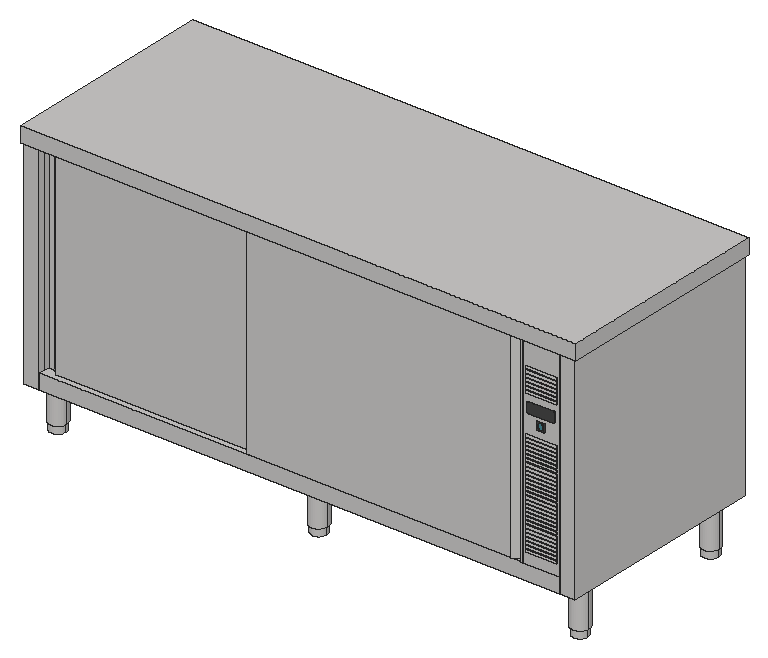
Revit family "QF_ZANUSSI_132799_MTCD1800PN", category Attrezzature speciali, Revit 2020
Family settings
  Quota connettore circolare = Usa diametro
  Tipo di parte = Normale
  Basato su piano di lavoro = No
  Sempre verticale = Sì
  Taglio con vuoti quando caricato = No
  Condiviso = No
  Punto di calcolo locali = No
Parameters (values of type "Standard")
  Weight = 70.00 kg
  Watts = 2400 W
  Volts = 220 V
  URL Manufacturer = "http://www.zanussiprofessional.com"
  URL = "http://www.zanussiprofessional.com"
  Steam Supply Size = 0 mm
  Steam Supply Minimum Pressure = 0.0 Pa
  Steam Supply Maximum Pressure = 0.0 Pa
  Steam Consumption per Hour = 0
  Refrigeration Suction Line Size = 0.0 mm
  Refrigeration Liquid Line Size = 0.0 mm
  Refrigerant Compressor Remote = yes
  Prospetto di default = 0.0 mm
  Produttore = "Zanussi"
  Phase = 1
  Modello = "MTCD1800PN"
  Length Actual = 1800.0 mm  # constant formula
  Item Number = "132799"
  Hot Water Size = 0 mm
  Height Actual = 900.0 mm  # constant formula
  HP = "3.2 HP"
  Gas Size = 0 mm
  Gas KW = 0
  Gas Input Pressure = 0 W
  Direct Waste Size = 0 mm
  Descrizione = "HOT PASST.CUPB.VENT+SHELF+SLIDING D.1800"
  Depth Actual = 700.0 mm  # constant formula
  Cycle = 50 Hz
  Condensate Return Size = 0 mm
  Compressed Air Volume = 0.0 L/s
  Compressed Air Size = 0 mm
  Compressed Air Pressure = 0.0 Pa
  Cold Water Size = 0 mm
  Accessory = yes
Reference planes
  plane 1 "Center (Front/Back)": y = 0
  plane 2: z = 0
  plane 3 "Center (Left/Right)": x = -400
  plane 4 "LEFT": x = -1300
  plane 5 "RIGHT": x = 500
  plane 6 "BACK": y = 350
  plane 7 "FRONT": y = -350
  plane 8 "Base": z = 850
  plane 9 "TOP": z = 900
  plane 10: x = -1246.5
  plane 11: x = 446.5
  plane 12: y = 264.5
  plane 13: y = -264.5
  plane 14 "BodyLeft": x = -1294.5
  plane 15 "BodyFront": y = -344.5
  plane 16 "BodyRight": x = 494.5
  plane 17 "BodyBack": y = 344.5
  plane 18 "FEET": z = 150
  plane 19: x = 324.5
  plane 20: x = -461
  plane 21: x = 444.5
  plane 22: x = 400
  plane 23: y = -170
Forms (mm)
  Extrusion 1, solid, material "QF_Finishes_Stainless Steel"
    sketch origin (-400, 0, 0) x (0, 1, 0) y (0, 0, 1)
      loop
        line (-350, 850) -> (350, 850) -> (350, 900) -> (-350, 900) -> (-350, 850)
    from 900 to -900
  Extrusion 2, solid, material "QF_Finishes_Stainless Steel"
    sketch origin (0, 0, 150) x (-1, 0, 0) y (0, -1, 0)
      loop
        line (1294.5, -344.5) -> (1294.5, 344.5) -> (1244.5, 344.5) -> (1244.5, -344.5) -> (1294.5, -344.5)
      loop
        line (-444.5, -344.5) -> (-444.5, 344.5) -> (-494.5, 344.5) -> (-494.5, -344.5) -> (-444.5, -344.5)
    from 0 to 700
  Extrusion 3, solid, material "QF_Finishes_Stainless Steel"
    sketch origin (0, 0, 150) x (-1, 0, 0) y (0, -1, 0)
      loop
        line (1244.5, -344.5) -> (1244.5, 344.5) -> (-444.5, 344.5) -> (-444.5, -344.5) -> (1244.5, -344.5)
    from 0 to 50
  Extrusion 4, solid, material "QF_Finishes_Stainless Steel"
    sketch origin (-1, 0, 150) x (-1, 0, 0) y (0, -1, 0)
      loop
        line (-325.5, 344.5) -> (-325.5, 324.5) -> (570.5, 324.5) -> (570.5, 344.5) -> (-285.5, 344.5) -> (-305.5, 329.5) -> (-320.5, 329.5) -> (-320.5, 344.5) -> (-325.5, 344.5)
    from 50 to 700
  Extrusion 5, solid, material "QF_Finishes_Stainless Steel"
    sketch origin (1, 20, 150) x (1, 0, 0) y (0, 1, 0)
      loop
        line (-1245.5, -344.5) -> (-1240.5, -344.5) -> (-1240.5, -329.5) -> (-1225.5, -329.5) -> (-1205.5, -344.5) -> (-351.5, -344.5) -> (-351.5, -324.5) -> (-1245.5, -324.5) -> (-1245.5, -344.5)
    from 50 to 700
  Extrusion 6, solid, material "QF_Finishes_Stainless Steel"
    sketch origin (0, 0, 0) x (1, 0, 0) y (0, 1, 0)
      loop
        line (-1244.5, -304.5) -> (324.5, -304.5) -> (324.5, 304.5) -> (-1244.5, 304.5) -> (-1244.5, -304.5)
    from 500 to 540
  Extrusion 7, solid, material "QF_Finishes_Stainless Steel"
    sketch origin (-1, 0, 150) x (-1, 0, 0) y (0, -1, 0)
      loop
        line (-325.5, -344.5) -> (-320.5, -344.5) -> (-320.5, -329.5) -> (-305.5, -329.5) -> (-285.5, -344.5) -> (570.5, -344.5) -> (570.5, -324.5) -> (-325.5, -324.5) -> (-325.5, -344.5)
    from 50 to 700
  Extrusion 8, solid, material "QF_Finishes_Stainless Steel"
    sketch origin (1, -20, 150) x (1, 0, 0) y (0, 1, 0)
      loop
        line (-1245.5, 344.5) -> (-1245.5, 324.5) -> (-351.5, 324.5) -> (-351.5, 344.5) -> (-1205.5, 344.5) -> (-1225.5, 329.5) -> (-1240.5, 329.5) -> (-1240.5, 344.5) -> (-1245.5, 344.5)
    from 50 to 700
  Extrusion 9, solid, material "QF_Finishes_Stainless Steel"
    sketch origin (0, 0, 0) x (1, 0, 0) y (0, 1, 0)
      loop
        line (444.5, 344.5) -> (324.5, 344.5) -> (324.5, 324.5) -> (444.5, 324.5) -> (444.5, 344.5)
    from 200 to 850
  Extrusion 10, solid, material "QF_Finishes_Stainless Steel"
    sketch origin (0, 0, 150) x (-1, 0, 0) y (0, -1, 0)
      loop
        circle (-400, 170) r 10
    from 0 to -5
Cuts and joins
  joined: Extrusion 3, Extrusion 9
Lines and regions (mm)
  symbolic lines
    curve 1: line (500, 350, 900) -> (-1300, 350, 900)
    curve 2: line (-1300, 350, 900) -> (-1300, -350, 900)
    curve 3: line (-1300, -350, 900) -> (500, -350, 900)
    curve 4: line (500, -350, 900) -> (500, 350, 900)
    curve 5: line (-1300, 337, 900) -> (500, 337, 900)
  symbolic lines, style "SpecialityEquipmentHiddenLines"
    curve 6: line (-1294.5, 344.5, 150) -> (494.5, 344.5, 150)
    curve 7: line (-1294.5, -344.5, 150) -> (-1294.5, 344.5, 150)
    curve 8: line (494.5, -344.5, 150) -> (-1294.5, -344.5, 150)
    curve 9: line (494.5, 344.5, 150) -> (494.5, -344.5, 150)
    curve 10: line (-1245.5, -304.5, 150) -> (-349.5, -304.5, 150)
    curve 11: line (-349.5, -304.5, 150) -> (-349.5, -324.5, 150)
    curve 12: line (-1245.5, -324.5, 150) -> (444.5, -324.5, 150)
    curve 13: line (444.5, -324.5, 150) -> (444.5, -344.5, 150)
    curve 14: line (-1245.5, -304.5, 150) -> (-1245.5, -324.5, 150)
    curve 15: line (-571.5, -344.5, 0) -> (-571.5, -324.5, 0)
    curve 16: line (-1245.5, 304.5, 150) -> (-349.5, 304.5, 150)
    curve 17: line (-1245.5, 324.5, 150) -> (444.5, 324.5, 150)
    curve 18: line (-571.5, 344.5, 0) -> (-571.5, 324.5, 0)
    curve 19: line (-350.5, 304.5, 0) -> (-350.5, 324.5, 0)
Dimensions and locks
  plane 4 "LEFT" to plane 5 "RIGHT" = 1800.0 mm
  equal spacing: plane 4 "LEFT", plane 3 "Center (Left/Right)", plane 5 "RIGHT"
  locked: plane 8 "Base" to level at 850
  locked: plane 9 "TOP" to level at 900
  plane 6 "BACK" to plane 7 "FRONT" = 700.0 mm
  equal spacing: plane 6 "BACK", plane 1 "Center (Front/Back)", plane 7 "FRONT"
  locked: plane 4 "LEFT" to plane 14 "BodyLeft" at 5.5
  locked: plane 16 "BodyRight" to plane 5 "RIGHT" at 5.5
  locked: plane 15 "BodyFront" to plane 7 "FRONT" at 5.5
  locked: plane 6 "BACK" to plane 17 "BodyBack" at 5.5
  locked: plane 14 "BodyLeft" to plane 10 at 48
  locked: plane 11 to plane 16 "BodyRight" at 48
  locked: plane 13 to plane 15 "BodyFront" at 80
  locked: plane 17 "BodyBack" to plane 12 at 80
  plane 10 to plane 11 = 1693.0 mm
  plane 12 to plane 13 = 529.0 mm
  locked: plane 14 "BodyLeft" to Extrusion 2 sketch curve at 50
  locked: Extrusion 2 sketch curve to Extrusion 2 sketch curve at 50
  equal spacing: plane 10, plane 20, plane 19
  locked: plane 21 to plane 16 "BodyRight" at 50
  locked: plane 19 to plane 21 at 120
  locked: Extrusion 4 sketch curve to plane 20 at 110.5
  locked: plane 20 to Extrusion 5 sketch curve at 110.5
  locked: plane 18 "FEET" to level at 150
  locked: plane 22 to plane 5 "RIGHT" at 100
  locked: plane 23 to plane 7 "FRONT" at 180
  aligned and locked: level to plane 2
  aligned and locked: plane 10 to nested 1
  aligned and locked: nested 1 to plane 13
  aligned and locked: plane 11 to nested 2
  aligned and locked: nested 2 to plane 13
  aligned and locked: plane 11 to nested 4
  aligned and locked: nested 4 to plane 12
  aligned and locked: plane 10 to nested 3
  aligned and locked: nested 3 to plane 12
  aligned and locked: Extrusion 1 to plane 4 "LEFT"
  aligned and locked: plane 5 "RIGHT" to Extrusion 1
  aligned and locked: curve 2 to plane 4 "LEFT"
  aligned and locked: plane 17 "BodyBack" to Extrusion 2 sketch curve
  aligned and locked: Extrusion 2 sketch curve to plane 15 "BodyFront"
  aligned and locked: Extrusion 2 sketch curve to plane 14 "BodyLeft"
  aligned and locked: plane 16 "BodyRight" to Extrusion 2 sketch curve
  aligned and locked: Extrusion 2 sketch curve to plane 17 "BodyBack"
  aligned and locked: plane 15 "BodyFront" to Extrusion 2 sketch curve
  aligned and locked: Extrusion 3 sketch curve to plane 17 "BodyBack"
  aligned and locked: plane 15 "BodyFront" to Extrusion 3 sketch curve
  aligned and locked: plane 8 "Base" to Extrusion 2
  aligned and locked: plane 8 "Base" to Extrusion 4
  aligned and locked: Extrusion 4 to Extrusion 3
  aligned and locked: Extrusion 1 to plane 8 "Base"
  aligned and locked: plane 9 "TOP" to Extrusion 1
  aligned and locked: curve 6 to plane 17 "BodyBack"
  aligned and locked: plane 14 "BodyLeft" to curve 7
  aligned and locked: plane 15 "BodyFront" to curve 8
  aligned and locked: plane 16 "BodyRight" to curve 9
  aligned and locked: Extrusion 3 to Extrusion 2  (x2)
  aligned and locked: Extrusion 6 sketch curve to Extrusion 2
  aligned and locked: Extrusion 6 sketch curve to Extrusion 5
  aligned and locked: curve 19 to Extrusion 8
  aligned and locked: curve 18 to Extrusion 7
  aligned and locked: nested 5 to plane 21
  aligned and locked: Extrusion 6 sketch curve to plane 19
  aligned and locked: plane 3 "Center (Left/Right)" to nested 6
  aligned and locked: plane 3 "Center (Left/Right)" to nested 7
Automatic sketch dimensions
  Extrusion 7 sketch curve to plane 19 = 0.0 mm
  Extrusion 7 sketch curve to plane 17 "BodyBack" = 0.0 mm  (x2)
  Extrusion 7 sketch curve to Extrusion 7 sketch curve = 5.0 mm
  Extrusion 7 sketch curve to Extrusion 7 sketch curve = 15.0 mm
  Extrusion 7 sketch curve to Extrusion 7 sketch curve = 20.0 mm
  plane 17 "BodyBack" to Extrusion 7 sketch curve = 20.0 mm
  plane 20 to Extrusion 7 sketch curve = 110.5 mm
  plane 17 "BodyBack" to Extrusion 7 sketch curve = 15.0 mm
  curve 15 to plane 15 "BodyFront" = 0.0 mm
  plane 15 "BodyFront" to curve 15 = 20.0 mm
  curve 15 to plane 20 = 110.5 mm
  curve 3 to plane 7 "FRONT" = 0.0 mm
  curve 5 to plane 5 "RIGHT" = 0.0 mm
  curve 4 to plane 6 "BACK" = 0.0 mm
  curve 5 to plane 17 "BodyBack" = 7.5 mm
  Extrusion 1 sketch curve to plane 7 "FRONT" = 0.0 mm
  Extrusion 1 sketch curve to plane 6 "BACK" = 0.0 mm
  Extrusion 1 sketch curve to plane 8 "Base" = 0.0 mm
  Extrusion 1 sketch curve to plane 9 "TOP" = 0.0 mm
  Extrusion 3 sketch curve to plane 21 = 0.0 mm
  plane 10 to Extrusion 3 sketch curve = 2.0 mm
  Extrusion 4 sketch curve to plane 19 = 0.0 mm
  Extrusion 4 sketch curve to plane 15 "BodyFront" = 0.0 mm  (x2)
  Extrusion 4 sketch curve to Extrusion 4 sketch curve = 5.0 mm
  Extrusion 4 sketch curve to Extrusion 4 sketch curve = 15.0 mm  (x2)
  Extrusion 4 sketch curve to Extrusion 4 sketch curve = 20.0 mm  (x2)
  Extrusion 5 sketch curve to plane 15 "BodyFront" = 20.0 mm  (x2)
  Extrusion 5 sketch curve to plane 10 = 42.0 mm
  Extrusion 5 sketch curve to plane 10 = 22.0 mm
  Extrusion 5 sketch curve to plane 10 = 7.0 mm
  Extrusion 5 sketch curve to plane 10 = 2.0 mm
  Extrusion 5 sketch curve to Extrusion 5 sketch curve = 15.0 mm
  Extrusion 5 sketch curve to Extrusion 5 sketch curve = 20.0 mm
  curve 13 to plane 21 = 0.0 mm
  curve 17 to plane 21 = 0.0 mm
  curve 8 to plane 15 "BodyFront" = 0.0 mm
  plane 3 "Center (Left/Right)" to curve 10 = 50.5 mm
  plane 10 to curve 12 = 1.0 mm
  plane 15 "BodyFront" to curve 10 = 40.0 mm
  curve 12 to curve 13 = 20.0 mm
  plane 3 "Center (Left/Right)" to curve 16 = 50.5 mm
  plane 10 to curve 17 = 1.0 mm
  plane 10 to curve 16 = 1.0 mm
  curve 17 to plane 17 "BodyBack" = 20.0 mm
  plane 12 to curve 16 = 40.0 mm
  plane 12 to Extrusion 6 sketch curve = 40.0 mm
  plane 10 to Extrusion 8 sketch curve = 2.0 mm
  Extrusion 8 sketch curve to Extrusion 8 sketch curve = 5.0 mm
  Extrusion 8 sketch curve to Extrusion 8 sketch curve = 15.0 mm  (x2)
  Extrusion 8 sketch curve to plane 17 "BodyBack" = 20.0 mm  (x2)
  Extrusion 8 sketch curve to Extrusion 8 sketch curve = 20.0 mm  (x2)
  plane 3 "Center (Left/Right)" to Extrusion 8 sketch curve = 49.5 mm
  curve 18 to plane 17 "BodyBack" = 0.0 mm
  curve 18 to plane 17 "BodyBack" = 20.0 mm
  plane 12 to curve 19 = 40.0 mm
  curve 19 to curve 19 = 20.0 mm
  Extrusion 9 sketch curve to plane 17 "BodyBack" = 0.0 mm
  Extrusion 9 sketch curve to plane 19 = 0.0 mm
  Extrusion 9 sketch curve to plane 21 = 0.0 mm
  Extrusion 9 sketch curve to plane 17 "BodyBack" = 20.0 mm
  Extrusion 10 sketch curve to plane 22 = 0.0 mm
  Extrusion 10 sketch curve to plane 23 = 0.0 mm
  radius of Extrusion 10 sketch curve = 10.0 mm
Nested families
  nested 1: "FEET_D58-150" at (-1246.5, -264.5, 0), type "FEET_D58-150"
  nested 2: "FEET_D58-150" at (446.5, -264.5, 0), type "FEET_D58-150"
  nested 3: "FEET_D58-150" at (-1246.5, 264.5, 0), type "FEET_D58-150"
  nested 4: "FEET_D58-150" at (446.5, 264.5, 0), type "FEET_D58-150"
  nested 5: "WT_PNL120x650" at (531.42, -304.5, 600) x (1, 0, 0) z (0, -1, 0), type "WT_PNL120x650"
    with Show Logo yes
  nested 6: "FEET_D58-150" at (-400, -264.5, 0), type "FEET_D58-150"
  nested 7: "FEET_D58-150" at (-400, 264.5, 0), type "FEET_D58-150"
Connectors
  electrical at (400, -170, 145)
    settings: on Extrusion 10, index 1, voltage 0 V, apparent load 0 VA, apparent load phase1 0 VA, apparent load phase2 0 VA, apparent load phase3 0 VA, power factor 1, load classification "Other", number of poles 1, system type 30, power factor state 1, is connector primary yes, connector utility no, sub classification motor no, connector description "Electrical connection"
Definition of nested family "FEET_D58-150"
  Parameters
    Default Elevation = 0.0 mm
    FEET = 150.0 mm
  Reference planes
    plane 1 "Center (Front/Back)": y = 0
    plane 2: z = 0
    plane 3 "Center (Left/Right)": x = 0
    plane 4: z = 150
  Forms (mm)
    Extrusion 1, solid
      sketch origin (0, 0, 0) x (1, 0, 0) y (0, 1, 0)
        loop
          circle (0, 0) r 25
      from 0 to 25
    Extrusion 2, solid
      sketch origin (0, 0, 0) x (1, 0, 0) y (0, 1, 0)
        loop
          circle (0.061, 0) r 29
      from 25 to 150 <- "FEET"
  Lines and regions (mm)
    symbolic lines
      curve 1: line (0, -1.503, 0) -> (0, 1.508, 0)
      curve 2: line (1.561, 0, 0) -> (-1.439, 0, 0)
  Dimensions and locks
    "FEET": plane 4 to plane 2
    aligned and locked: level to plane 2
  Automatic sketch dimensions
    plane 1 "Center (Front/Back)" to Extrusion 1 sketch curve = 0.0 mm
    Extrusion 1 sketch curve to plane 3 "Center (Left/Right)" = 0.0 mm
    plane 1 "Center (Front/Back)" to curve 2 = 0.0 mm
    curve 1 to plane 3 "Center (Left/Right)" = 0.0 mm
    curve 2 to plane 3 "Center (Left/Right)" = 1.439 mm
    plane 3 "Center (Left/Right)" to curve 2 = 1.561 mm
    plane 1 "Center (Front/Back)" to curve 1 = 1.503 mm
    curve 1 to plane 1 "Center (Front/Back)" = 1.508 mm
    plane 1 "Center (Front/Back)" to Extrusion 2 sketch curve = 0.0 mm
    plane 3 "Center (Left/Right)" to Extrusion 2 sketch curve = 0.061 mm
    radius of Extrusion 1 sketch curve = 25.0 mm
    radius of Extrusion 2 sketch curve = 29.0 mm
Definition of nested family "WT_PNL120x650"
  Parameters
    Show Logo [instance] = yes
    Default Elevation = 1219.2 mm
  Reference planes
    plane 1 "Center (Front/Back)": y = -75
    plane 2: z = 0
    plane 3 "Center (Left/Right)": x = -146.92
    plane 4: x = -206.92
    plane 5: x = -86.92
    plane 6: y = 250
    plane 7: y = -400
    plane 8 "TOP": z = 40
  Forms (mm)
    Extrusion 1, solid
      sketch origin (0, 0, 0) x (1, 0, 0) y (0, 1, 0)
        loop
          line (-1219.2, 1219.2) -> (-1219.2, -1219.2) -> (1219.2, -1219.2) -> (1219.2, 1219.2) -> (-1219.2, 1219.2)
      from 0 to -304.8
    Extrusion 2, solid
      sketch origin (0, 0, 0) x (1, 0, 0) y (0, 1, 0)
        loop
          line (-206.92, 250) -> (-206.92, -400) -> (-86.92, -400) -> (-86.92, 250) -> (-206.92, 250)
      from 0 to 40
    Extrusion 3, void
      sketch origin (0, 0, 40) x (-1, 0, 0) y (0, -1, 0)
        loop
          arc (101.92, -68.899) -> (103.795, -73.256) -> (108.247, -74.89) r 6
          line (108.247, -74.89) -> (185.92, -74.89)
          arc (185.92, -74.89) -> (190.163, -73.133) -> (191.92, -68.89) r 6
          line (191.92, -68.89) -> (191.92, -45.89)
          arc (191.92, -45.89) -> (190.163, -41.648) -> (185.92, -39.89) r 6
          line (185.92, -39.89) -> (107.92, -39.89)
          arc (107.92, -39.89) -> (103.677, -41.648) -> (101.92, -45.89) r 6
          line (101.92, -45.89) -> (101.92, -68.899)
        loop
          line (158.92, -27.89) -> (158.92, -2.89) -> (134.92, -2.89) -> (134.92, -27.89) -> (158.92, -27.89)
      from -2 to 0
    Extrusion 4, solid
      sketch origin (0, 0, 40) x (-1, 0, 0) y (0, -1, 0)
        loop
          line (185.92, -39.89) -> (107.92, -39.89)
          arc (107.92, -39.89) -> (103.677, -41.648) -> (101.92, -45.89) r 6
          line (101.92, -45.89) -> (101.92, -68.899)
          arc (101.92, -68.899) -> (103.795, -73.256) -> (108.247, -74.89) r 6
          line (108.247, -74.89) -> (185.92, -74.89)
          arc (185.92, -74.89) -> (190.163, -73.133) -> (191.92, -68.89) r 6
          line (191.92, -68.89) -> (191.92, -45.89)
          arc (191.92, -45.89) -> (190.163, -41.648) -> (185.92, -39.89) r 6
      from -2 to 1
    Extrusion 5, solid
      sketch origin (-146.92, 0, 0) x (0, 1, 0) y (0, 0, 1)
        loop
          line (95.896, 40) -> (104.899, 40) -> (95.896, 41.206) -> (95.896, 40)
        loop
          line (107.896, 40) -> (116.899, 40) -> (107.896, 41.206) -> (107.896, 40)
        loop
          line (119.896, 40) -> (128.899, 40) -> (119.896, 41.206) -> (119.896, 40)
        loop
          line (131.896, 40) -> (140.899, 40) -> (131.896, 41.206) -> (131.896, 40)
        loop
          line (143.896, 40) -> (152.899, 40) -> (143.896, 41.206) -> (143.896, 40)
        loop
          line (155.896, 40) -> (164.899, 40) -> (155.896, 41.206) -> (155.896, 40)
        loop
          line (167.896, 40) -> (176.899, 40) -> (167.896, 41.206) -> (167.896, 40)
        loop
          line (-102.104, 40) -> (-93.101, 40) -> (-102.104, 41.206) -> (-102.104, 40)
        loop
          line (-90.104, 40) -> (-81.101, 40) -> (-90.104, 41.206) -> (-90.104, 40)
        loop
          line (-78.104, 40) -> (-69.101, 40) -> (-78.104, 41.206) -> (-78.104, 40)
        loop
          line (-66.104, 40) -> (-57.101, 40) -> (-66.104, 41.206) -> (-66.104, 40)
        loop
          line (-54.104, 40) -> (-45.101, 40) -> (-54.104, 41.206) -> (-54.104, 40)
        loop
          line (-42.104, 40) -> (-33.101, 40) -> (-42.104, 41.206) -> (-42.104, 40)
        loop
          line (-30.104, 40) -> (-21.101, 40) -> (-30.104, 41.206) -> (-30.104, 40)
        loop
          line (-174.104, 40) -> (-165.101, 40) -> (-174.104, 41.206) -> (-174.104, 40)
        loop
          line (-162.104, 40) -> (-153.101, 40) -> (-162.104, 41.206) -> (-162.104, 40)
        loop
          line (-150.104, 40) -> (-141.101, 40) -> (-150.104, 41.206) -> (-150.104, 40)
        loop
          line (-138.104, 40) -> (-129.101, 40) -> (-138.104, 41.206) -> (-138.104, 40)
        loop
          line (-126.104, 40) -> (-117.101, 40) -> (-126.104, 41.206) -> (-126.104, 40)
        loop
          line (-114.104, 40) -> (-105.101, 40) -> (-114.104, 41.206) -> (-114.104, 40)
        loop
          line (-246.104, 40) -> (-237.101, 40) -> (-246.104, 41.206) -> (-246.104, 40)
        loop
          line (-234.104, 40) -> (-225.101, 40) -> (-234.104, 41.206) -> (-234.104, 40)
        loop
          line (-222.104, 40) -> (-213.101, 40) -> (-222.104, 41.206) -> (-222.104, 40)
        loop
          line (-210.104, 40) -> (-201.101, 40) -> (-210.104, 41.206) -> (-210.104, 40)
        loop
          line (-198.104, 40) -> (-189.101, 40) -> (-198.104, 41.206) -> (-198.104, 40)
        loop
          line (-186.104, 40) -> (-177.101, 40) -> (-186.104, 41.206) -> (-186.104, 40)
        loop
          line (-318.104, 40) -> (-309.101, 40) -> (-318.104, 41.206) -> (-318.104, 40)
        loop
          line (-306.104, 40) -> (-297.101, 40) -> (-306.104, 41.206) -> (-306.104, 40)
        loop
          line (-294.104, 40) -> (-285.101, 40) -> (-294.104, 41.206) -> (-294.104, 40)
        loop
          line (-282.104, 40) -> (-273.101, 40) -> (-282.104, 41.206) -> (-282.104, 40)
        loop
          line (-270.104, 40) -> (-261.101, 40) -> (-270.104, 41.206) -> (-270.104, 40)
        loop
          line (-258.104, 40) -> (-249.101, 40) -> (-258.104, 41.206) -> (-258.104, 40)
        loop
          line (-366.104, 40) -> (-357.101, 40) -> (-366.104, 41.206) -> (-366.104, 40)
        loop
          line (-354.104, 40) -> (-345.101, 40) -> (-354.104, 41.206) -> (-354.104, 40)
        loop
          line (-342.104, 40) -> (-333.101, 40) -> (-342.104, 41.206) -> (-342.104, 40)
        loop
          line (-330.104, 40) -> (-321.101, 40) -> (-330.104, 41.206) -> (-330.104, 40)
      from -50 to 50
    Extrusion 6, solid
      sketch origin (0, 0, 40) x (-1, 0, 0) y (0, -1, 0)
        loop
          line (134.92, -27.89) -> (158.92, -27.89) -> (158.92, -2.89) -> (134.92, -2.89) -> (134.92, -27.89)
        loop
          circle (146.92, -15.39) r 9
      from -2 to 3
    Extrusion 7, solid
      sketch origin (0, 0, 40) x (-1, 0, 0) y (0, -1, 0)
        loop
          circle (146.92, -15.39) r 9
      from 0 to 3
  Cuts and joins
    Extrusion 3 cuts Extrusion 2
  Dimensions and locks
    equal spacing: plane 6, plane 1 "Center (Front/Back)", plane 7
    equal spacing: plane 4, plane 3 "Center (Left/Right)", plane 5
    plane 8 "TOP" to level = 40.0 mm
    aligned and locked: plane 2 to Extrusion 1
    aligned and locked: level to Extrusion 1
  Automatic sketch dimensions
    Extrusion 1 sketch curve to Extrusion 1 sketch curve = 2438.4 mm  (x2)
    Extrusion 2 sketch curve to plane 4 = 0.0 mm
    Extrusion 2 sketch curve to plane 5 = 0.0 mm
    Extrusion 2 sketch curve to plane 7 = 0.0 mm
    Extrusion 2 sketch curve to plane 6 = 0.0 mm
    Extrusion 5 sketch curve to plane 8 "TOP" = 0.0 mm  (x36)
    Extrusion 5 sketch curve to Extrusion 5 sketch curve = 9.003 mm  (x35)
    plane 8 "TOP" to Extrusion 5 sketch curve = 1.206 mm  (x22)
    Extrusion 5 sketch curve to Extrusion 5 sketch curve = 2.997 mm  (x33)
    plane 1 "Center (Front/Back)" to Extrusion 5 sketch curve = 6.101 mm
    plane 1 "Center (Front/Back)" to Extrusion 5 sketch curve = 3.104 mm
    Extrusion 5 sketch curve to plane 1 "Center (Front/Back)" = 5.899 mm
    Extrusion 5 sketch curve to Extrusion 5 sketch curve = 116.997 mm
    Extrusion 5 sketch curve to Extrusion 5 sketch curve = 1.206 mm  (x14)
    Extrusion 4 sketch curve to plane 5 = 15.0 mm
    Extrusion 4 sketch curve to Extrusion 4 sketch curve = 6.0 mm  (x3)
    Extrusion 4 sketch curve to Extrusion 4 sketch curve = 0.327 mm
    plane 4 to Extrusion 4 sketch curve = 21.0 mm  (x2)
    Extrusion 4 sketch curve to plane 1 "Center (Front/Back)" = 149.89 mm
    Extrusion 4 sketch curve to Extrusion 4 sketch curve = 23.009 mm
    Extrusion 3 sketch curve to plane 5 = 15.0 mm
    Extrusion 3 sketch curve to Extrusion 3 sketch curve = 6.0 mm  (x3)
    Extrusion 3 sketch curve to Extrusion 3 sketch curve = 0.327 mm
    plane 3 "Center (Left/Right)" to Extrusion 3 sketch curve = 12.0 mm
    Extrusion 3 sketch curve to plane 3 "Center (Left/Right)" = 12.0 mm
    plane 4 to Extrusion 3 sketch curve = 21.0 mm  (x2)
    Extrusion 3 sketch curve to plane 1 "Center (Front/Back)" = 149.89 mm
    Extrusion 3 sketch curve to Extrusion 3 sketch curve = 23.0 mm
    Extrusion 3 sketch curve to Extrusion 3 sketch curve = 12.0 mm
    Extrusion 3 sketch curve to Extrusion 3 sketch curve = 25.0 mm
    Extrusion 6 sketch curve to plane 3 "Center (Left/Right)" = 0.0 mm
    plane 3 "Center (Left/Right)" to Extrusion 6 sketch curve = 12.0 mm
    Extrusion 6 sketch curve to plane 3 "Center (Left/Right)" = 12.0 mm
    Extrusion 6 sketch curve to plane 1 "Center (Front/Back)" = 102.89 mm
    Extrusion 6 sketch curve to Extrusion 6 sketch curve = 12.5 mm  (x2)
    Extrusion 7 sketch curve to plane 3 "Center (Left/Right)" = 0.0 mm
    Extrusion 7 sketch curve to plane 1 "Center (Front/Back)" = 90.39 mm
    radius of Extrusion 6 sketch curve = 9.0 mm
    radius of Extrusion 7 sketch curve = 9.0 mm
